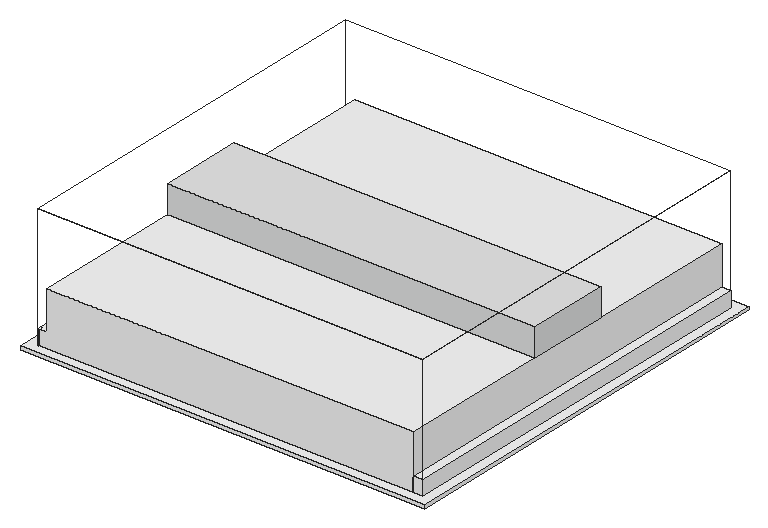
Revit family "Illusion LED TW - Ceiling Based", category Lighting Fixtures, host Ceiling, Revit 2014
Parameters (values of type "Illusion LED TW 600x600 C")
  Wattage = 41 W
  WarrantyGuarantorParts = "n/a"
  WarrantyDurationParts = "n/a"
  WarrantyDescription = "n/a"
  built-in parameter 1150110 = 1 (stored number, unit not read)
  Version = "v.1.0"
  Uniclass2 = "Pr_70_70_49_43 Light-Emitting Diode (LED) Luminaires"
  Uniclass 1.4 = "JY73"
  URL = "http://riegens.co.uk/illusion-led-tw"
  Transformer = Riegens_Aluminum
  TotalWattage = "Max. 50W"
  built-in parameter 1114217 = 1 (stored number, unit not read)
  Tilt Angle = 90.00°
  built-in parameter 1150109 = 1 (stored number, unit not read)
  built-in parameter 1150134 = 12
  TagNumber = "n/a"
  SustainabilityPerformance = "n/a"
  built-in parameter 1150113 = 1 (stored number, unit not read)
  SupplyCircuitConductorConnections = "n/a"
  Size = "600 x 600 mm"
  Shape = "Square"
  ProductInformation = "http://riegens.co.uk/illusion-led-tw"
  PhotometricPerformance = "In accordance with BS EN 13032-1"
  Photometric Web File = "Illusion LED TW 600x600 C 50W 2700-6500K.ies"
  PhaseReference = "IEC recommendations"
  Optic = "Micro-prism lens"
  NominalVoltage = "220-240V"
  ModelReference = "Illusion LED TW 600x600 C"
  Model = "Illusion LED TW 600x600 C"
  Material = "Steel and Acrylic (PMMA)"
  ManufacturersSpecificInformation = "n/a"
  ManufacturerURL = "www.riegens.com"
  Manufacturer = "Riegens A/S"
  built-in parameter 1150105 = 352.37 (stored number, unit not read)
  Lumens = 4428 lm
  LuminaireType = "Recessed Direct LED Luminaire"
  LuminairePowerFactor = ">0,9"
  built-in parameter 1150115 = 1 (stored number, unit not read)
  LightSource = "LED 2700-6500K"
  LightFixturePlacingType = "Ceiling"
  LightFixtureMountingType = "Recessed"
  built-in parameter 1150137 = (empty or 0)
  built-in parameter 1150139 = (empty or 0)
  LampType = "LED"
  LampRating = "42-45W"
  LampColourRenderingIndex = "Ra>80"
  built-in parameter 1150112 = 1 (stored number, unit not read)
  built-in parameter 1150114 = 1 (stored number, unit not read)
  InternalFuse = "Only required in emergency versions"
  InsulationStandardClass = "Class 1"
  built-in parameter 1150132 = (empty or 0)
  built-in parameter 1150102 = (empty or 0)
  built-in parameter 1150107 = 4000 (stored number, unit not read)
  built-in parameter 1150138 = (empty or 0)
  built-in parameter 1150106 = 3.5237 (stored number, unit not read)
  IfcExportType = "NOTDEFINED'"
  IfcExportAs = "IfcLightFixtureType'"
  IP_Code = "IP20"
  Height 2 = 85 mm
  Height 1 = 126 mm
  HasProtectiveEarth = "TRUE"
  Grade = "n/a"
  Glass Thickness = 2 mm
  Glass = Riegens_Glass_opal
  Frame Width = 599 mm
  Frame Depth = 599 mm
  Frame = Riegens_Steel_Powder coated white RAL901025
  Finish = "Powder coated"
  Features = "n/a"
  built-in parameter 1150104 = 10.034 (stored number, unit not read)
  Documentation = "See URL hyperlink"
  DocumentReference = "See URL hyperlink"
  Dimming Lamp Color Temperature Shift = <None>
  Description = "70-80-35 General Lighting Systems"
  ControlGearPosition = "Integrated "
  Constituents = "n/a"
  Colour = "White"
  Color Filter = 16777215
  CodePerformance = "n/a"
  Clearance Zones Offset = 60 mm
  Clearance Zones = yes
  Cassette Width = 570 mm
  Cassette Depth = 570 mm
  Cassette = Riegens_Steel_Powder coated white RAL901025
  CCSTopnode = "L"
  CCSClassName = "Belysningsarmatur"
  CCSClassCode = "UAC"
  BarCode = "n/a"
  BallastsCELMAEnergyEfficiencyIndex = "Class A1/A2"
  built-in parameter 1114218 = 1 (stored number, unit not read)
  BSAB 96 = "SNB.2"
  BIMObjectName = "Illusion LED TW 600x600 C.rfa"
  Author = "3dbyggeri"
  built-in parameter 1150133 = 10 (stored number, unit not read)
  AssetType = "Moveable/Fixed"
  AssetIdentifier = "n/a"
  ArticleNumber = "See URL hyperlink"
  Apparent Load = 240 VA
  AccessibilityPerformance = "n/a"
Types (4, lengths in mm): name | Size | ModelReference | Model | Frame Width | Frame Depth | Cassette Width | Cassette Depth | BIMObjectName
  Illusion LED TW 625x625 T/L | "625 x 625 mm" | "Illusion LED TW 625x625 T/L" | "Illusion LED TW 625x625 T/L" | 620 | 620 | 600 | 600 | "Illusion LED TW 625x625 T/L.rfa"
  Illusion LED TW 625x625 C | "625 x 625 mm" | "Illusion LED TW 625x625 C" | "Illusion LED TW 625x625 C" | 624 | 624 | 604 | 604 | "Illusion LED TW 625x625 C.rfa"
  Illusion LED TW 600x600 C | "600 x 600 mm" | "Illusion LED TW 600x600 C" | "Illusion LED TW 600x600 C" | 599 | 599 | 570 | 570 | "Illusion LED TW 600x600 C.rfa"
  Illusion LED TW 600x600 T/L | "600 x 600 mm" | "Illusion LED TW 600x600 T/L" | "Illusion LED TW 600x600 T/L" | 595 | 595 | 570 | 570 | "Illusion LED TW 600x600 T/L.rfa"
Reference planes
  plane 1 "Light Source Axis (F/B)": y = 0
  plane 2: z = 0
  plane 3 "Light Source Axis (L/R)": x = 0
  plane 4 "Ceiling": z = 0
  plane 5 "Light Source Elevation": z = 0
  plane 6: y = 285
  plane 7: y = -285
  plane 8: x = 285
  plane 9: x = -285
  plane 10: y = 299.5
  plane 11: y = -299.5
  plane 12: x = -299.5
  plane 13: x = 299.5
  plane 14: z = 85
  plane 15: z = 126
  plane 16: z = 5
  plane 17: z = 2
  plane 18: y = 284
  plane 19: y = -284
  plane 20: y = 61
  plane 21: y = -61
  plane 22: x = 271.5
  plane 23: x = -271.5
  plane 24: z = 186
Forms (mm)
  Extrusion 1, solid, material "Riegens_Steel_Powder coated white RAL901025" <- "Cassette"
    sketch origin (0, 0, 0) x (0, 1, 0) y (-1, 0, 0)
      loop
        line (299.5, 299.5) -> (-299.5, 299.5) -> (-299.5, -299.5) -> (299.5, -299.5) -> (299.5, 299.5)
    from 0 to 85
  Extrusion 2, solid, material "Riegens_Aluminum" <- "Transformer"
    sketch origin (7.896, -110.656, 0) x (0, 1, 0) y (-1, 0, 0)
      loop
        line (171.656, 279.396) -> (49.656, 279.396) -> (49.656, -263.604) -> (171.656, -263.604) -> (171.656, 279.396)
    from 85 to 126
  Extrusion 3, void
    sketch origin (0, 0, 0) x (1, 0, 0) y (0, 0, 1)
      loop
        line (-271.5, 85) -> (-299.5, 85) -> (-299.5, 5) -> (-285, 5) -> (-285, 27) -> (-271.5, 27) -> (-271.5, 85)
      loop
        line (299.5, 85) -> (271.5, 85) -> (271.5, 27) -> (285, 27) -> (285, 5) -> (299.5, 5) -> (299.5, 85)
    from -299.5 to 299.5
  Extrusion 4, void
    sketch origin (0, 0, 0) x (0, 1, 0) y (0, 0, 1)
      loop
        line (299.5, 85) -> (285, 85) -> (285, 5) -> (299.5, 5) -> (299.5, 85)
      loop
        line (-285, 85) -> (-299.5, 85) -> (-299.5, 5) -> (-285, 5) -> (-285, 85)
    from -299.5 to 299.5
  Extrusion 5, void
    sketch origin (0, 0, 0) x (-1, 0, 0) y (0, 0, 1)
      loop
        line (-283.809, 0) -> (283.809, 0) -> (283.809, 26) -> (269.809, 26) -> (269.809, 4.009) -> (74.695, 23.013) -> (44.866, 19) -> (-44.866, 19) -> (-74.695, 23.013) -> (-269.809, 4.009) -> (-269.809, 26) -> (-283.809, 26) -> (-283.809, 0)
    from -284 to 284
  Extrusion 6, solid, material "Riegens_Glass_opal" <- "Glass"
    sketch origin (0, 0, 0) x (1, 0, 0) y (0, 0, 1)
      loop
        line (-269.809, 4.009) -> (-269.809, 2) -> (-74.732, 21) -> (-45, 17) -> (45, 17) -> (74.732, 21) -> (269.809, 2) -> (269.809, 4.009) -> (74.695, 23.013) -> (44.866, 19) -> (-44.866, 19) -> (-74.695, 23.013) -> (-269.809, 4.009)
    from -284 to 284
  Extrusion 7, solid, material "Clearance Zones", visible <- "Clearance Zones"
    sketch origin (0, 0, 0) x (-1, 0, 0) y (0, -1, 0)
      loop
        line (285, -285) -> (285, 285) -> (-285, 285) -> (-285, -285) -> (285, -285)
    from 5 to 186
Cuts and joins
  Extrusion 3, Extrusion 4, Extrusion 5 cuts Extrusion 1
Lines and regions (mm)
  Opening 1
    outline origin (0, 0, 0) x (1, 0, 0) y (0, 1, 0)
      loop
        line (299.5, 299.5) -> (-299.5, 299.5) -> (-299.5, -299.5) -> (299.5, -299.5) -> (299.5, 299.5)
  Split face 1
    outline origin (-278.104, 61, 0) x (1, 0, 0) y (0, 0, -1)
      loop
        line (21.604, -126) -> (66.604, -126) -> (66.604, -106) -> (21.604, -106) -> (21.604, -126)
Dimensions and locks
  equal spacing: host sketch curve, plane 3 "Light Source Axis (L/R)", host sketch curve
  equal spacing: host sketch curve, plane 1 "Light Source Axis (F/B)", host sketch curve
  host sketch curve to host sketch curve = 4000 mm  (x2)
  locked: plane 4 "Ceiling" to host ceiling at 0
  equal spacing: plane 6, plane 1 "Light Source Axis (F/B)", plane 7  (x2)
  "Cassette Depth": plane 6 to plane 7
  equal spacing: plane 11, plane 1 "Light Source Axis (F/B)", plane 10  (x2)
  "Frame Depth": plane 11 to plane 10
  "Height 2": plane 14 to plane 5 "Light Source Elevation"
  "Glass Thickness": plane 5 "Light Source Elevation" to plane 17
  equal spacing: plane 9, plane 3 "Light Source Axis (L/R)", plane 8
  equal spacing: plane 12, plane 3 "Light Source Axis (L/R)", plane 13
  plane 6 to plane 18 = 1 mm
  plane 19 to plane 7 = 1 mm
  "Height 1": plane 5 "Light Source Elevation" to plane 15
  equal spacing: plane 23, plane 3 "Light Source Axis (L/R)", plane 22, locked at 271.5 each
  "Cassette Width": plane 9 to plane 8
  "Frame Width": plane 12 to plane 13
  "Clearance Zones Offset": plane 24 to plane 15
  aligned and locked: plane 14 to Extrusion 1
  aligned and locked: Opening 1 sketch curve to plane 10
  aligned and locked: Opening 1 sketch curve to plane 13
  aligned and locked: Opening 1 sketch curve to plane 12
  aligned and locked: Opening 1 sketch curve to plane 11
  aligned and locked: plane 23 to Extrusion 2 sketch curve
  aligned and locked: Extrusion 2 sketch curve to plane 22
  aligned and locked: Extrusion 2 sketch curve to plane 20
  aligned and locked: Extrusion 2 sketch curve to plane 21
  aligned and locked: Extrusion 3 sketch curve to plane 22
  aligned and locked: plane 12 to Extrusion 1 sketch curve
  aligned and locked: plane 10 to Extrusion 1 sketch curve
  aligned and locked: Extrusion 1 sketch curve to plane 13
  aligned and locked: Extrusion 1 sketch curve to plane 11
  aligned and locked: plane 9 to Extrusion 3 sketch curve
  aligned and locked: Extrusion 3 sketch curve to plane 12
  aligned and locked: Extrusion 3 sketch curve to plane 16  (x2)
  aligned and locked: plane 8 to Extrusion 3 sketch curve
  aligned and locked: plane 13 to Extrusion 3 sketch curve
  aligned and locked: plane 14 to Extrusion 3 sketch curve
  aligned and locked: Extrusion 1 to level
  aligned and locked: Extrusion 4 sketch curve to cut or joined group of Extrusion 1, Extrusion 3, Extrusion 4, Extrusion 5
  aligned and locked: cut or joined group of Extrusion 1, Extrusion 3, Extrusion 4, Extrusion 5 to Extrusion 4 sketch curve
  aligned and locked: Extrusion 4 sketch curve to plane 16
  aligned and locked: Extrusion 4 sketch curve to plane 6
  aligned and locked: plane 16 to Extrusion 4 sketch curve
  aligned and locked: Extrusion 4 sketch curve to plane 11
  aligned and locked: Extrusion 4 sketch curve to plane 7
  aligned and locked: plane 13 to cut or joined group of Extrusion 1, Extrusion 3, Extrusion 4, Extrusion 5
  aligned and locked: cut or joined group of Extrusion 1, Extrusion 3, Extrusion 4, Extrusion 5 to plane 12
  aligned and locked: plane 18 to Extrusion 5
  aligned and locked: Extrusion 5 to plane 19
  aligned and locked: Extrusion 6 to plane 19
  aligned and locked: plane 18 to Extrusion 6
  aligned and locked: Extrusion 7 sketch curve to plane 8
  aligned and locked: plane 7 to Extrusion 7 sketch curve
  aligned and locked: plane 9 to Extrusion 7 sketch curve
  aligned and locked: Extrusion 7 sketch curve to plane 6
  aligned and locked: Extrusion 7 to plane 16
  aligned and locked: plane 24 to Extrusion 7
  aligned and locked: plane 13 to Extrusion 4
  aligned and locked: Extrusion 4 to plane 12
  aligned and locked: Extrusion 3 to plane 10
  aligned and locked: plane 11 to Extrusion 3
Automatic sketch dimensions
  Split face 1 sketch curve to Extrusion 2 = 0 mm
  Split face 1 sketch curve to Extrusion 2 = 20 mm
  Split face 1 sketch curve to Split face 1 sketch curve = 45 mm
  Split face 1 sketch curve to Extrusion 2 = 15 mm
  Extrusion 3 sketch curve to plane 23 = 0 mm
  Extrusion 3 sketch curve to plane 14 = 0 mm
  plane 16 to Extrusion 3 sketch curve = 22 mm
  Extrusion 4 sketch curve to plane 14 = 0 mm
  Extrusion 5 sketch curve to level = 0 mm
  Extrusion 5 sketch curve to plane 8 = 1.191 mm
  plane 16 to Extrusion 5 sketch curve = 18.013 mm  (x2)
  plane 16 to Extrusion 5 sketch curve = 14 mm
  Extrusion 5 sketch curve to plane 3 "Light Source Axis (L/R)" = 44.866 mm
  plane 23 to Extrusion 5 sketch curve = 1.691 mm
  plane 9 to Extrusion 5 sketch curve = 1.191 mm
  plane 16 to Extrusion 5 sketch curve = 21 mm  (x2)
  Extrusion 5 sketch curve to plane 16 = 0.991 mm  (x2)
  Extrusion 5 sketch curve to plane 22 = 1.691 mm
  plane 3 "Light Source Axis (L/R)" to Extrusion 5 sketch curve = 74.695 mm
  Extrusion 5 sketch curve to Extrusion 5 sketch curve = 29.829 mm  (x2)
  Extrusion 6 sketch curve to plane 17 = 0 mm  (x2)
  plane 23 to Extrusion 6 sketch curve = 1.691 mm
  plane 16 to Extrusion 6 sketch curve = 18.013 mm  (x2)
  Extrusion 6 sketch curve to plane 3 "Light Source Axis (L/R)" = 74.695 mm
  plane 16 to Extrusion 6 sketch curve = 12 mm
  Extrusion 6 sketch curve to Extrusion 6 sketch curve = 29.695 mm
  plane 16 to Extrusion 6 sketch curve = 14 mm
  Extrusion 6 sketch curve to Extrusion 6 sketch curve = 0.134 mm  (x2)
  plane 3 "Light Source Axis (L/R)" to Extrusion 6 sketch curve = 44.866 mm
  Extrusion 6 sketch curve to Extrusion 6 sketch curve = 29.829 mm
  plane 16 to Extrusion 6 sketch curve = 16 mm  (x2)
  Extrusion 6 sketch curve to Extrusion 6 sketch curve = 0.037 mm  (x2)
  Extrusion 6 sketch curve to plane 22 = 1.691 mm
  Extrusion 6 sketch curve to plane 16 = 0.991 mm  (x2)
  Extrusion 3 sketch curve to Extrusion 3 sketch curve = 22 mm
Connectors
  electrical at (-234, 61, 116)
    settings: on Extrusion 2, index 1, voltage 0 V, apparent load 0 VA, apparent load phase1 0 VA, apparent load phase2 0 VA, apparent load phase3 0 VA, power factor 1, load classification "Other", number of poles 1, system type 31, power factor state 1, is connector primary yes, connector utility no, sub classification motor no, connector description ""
